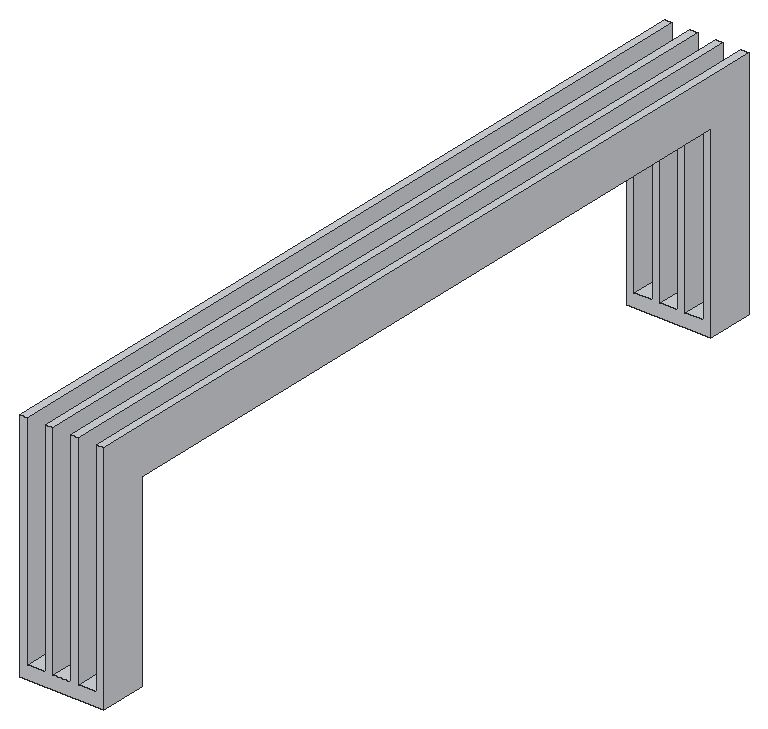
Revit family "LL04_R2016", category Generic Models, Revit 2016
Family settings
  Part Type = Normal
  Can host rebar = No
  Round Connector Dimension = Use Diameter
  OmniClass Number = 23.45.00.00
  OmniClass Title = Sanitary, Laundry, and Cleaning Equipment
  Work Plane-Based = No
  Always vertical = Yes
  Cut with Voids When Loaded = No
  Shared = No
  Room Calculation Point = No
Parameters
  Tube Length [instance] = 990 mm
  Length [instance] = 1200 mm
  Height = 350 mm
Reference planes
  plane 1: z = 0
  plane 2: z = 350
  plane 3: y = -26.341
  plane 4: y = -626.341
  plane 5: y = 573.659
Forms (mm)
  Extrusion 1, solid, not visible
    sketch origin (0, 0, 0) x (1, 0, 0) y (0, 1, 0)
      loop
        line (-495, -20) -> (-495, -31) -> (495, -31) -> (495, -20) -> (-495, -20)
    from 300 to 370
  Extrusion 2, solid, not visible
    sketch origin (0, 0, 0) x (1, 0, 0) y (0, 1, 0)
      loop
        line (-495, -20) -> (-495, -31) -> (495, -31) -> (495, -20) -> (-495, -20)
    from 300 to 370
  Extrusion 3, solid, not visible
    sketch origin (0, -24, 0) x (1, 0, 0) y (0, 1, 0)
      loop
        line (-495, -20) -> (-495, -31) -> (495, -31) -> (495, -20) -> (-495, -20)
    from 300 to 370
  Extrusion 4, solid, not visible
    sketch origin (0, -48, 0) x (1, 0, 0) y (0, 1, 0)
      loop
        line (-495, -20) -> (-495, -31) -> (495, -31) -> (495, -20) -> (-495, -20)
    from 300 to 370
  Extrusion 5, solid, not visible
    sketch origin (0, -72, 0) x (1, 0, 0) y (0, 1, 0)
      loop
        line (-495, -20) -> (-495, -31) -> (495, -31) -> (495, -20) -> (-495, -20)
    from 300 to 370
  Extrusion 6, solid, not visible
    sketch origin (0, -96, 0) x (1, 0, 0) y (0, 1, 0)
      loop
        line (-495, -20) -> (-495, -31) -> (495, -31) -> (495, -20) -> (-495, -20)
    from 300 to 370
  Extrusion 7, solid, not visible
    sketch origin (0, -120, 0) x (1, 0, 0) y (0, 1, 0)
      loop
        line (-495, -20) -> (-495, -31) -> (495, -31) -> (495, -20) -> (-495, -20)
    from 300 to 370
  Extrusion 8, solid, not visible
    sketch origin (0, -144, 0) x (1, 0, 0) y (0, 1, 0)
      loop
        line (-495, -20) -> (-495, -31) -> (495, -31) -> (495, -20) -> (-495, -20)
    from 300 to 370
  Extrusion 9, solid, not visible
    sketch origin (0, -168, 0) x (1, 0, 0) y (0, 1, 0)
      loop
        line (-495, -20) -> (-495, -31) -> (495, -31) -> (495, -20) -> (-495, -20)
    from 300 to 370
  Extrusion 10, solid, not visible
    sketch origin (0, -192, 0) x (1, 0, 0) y (0, 1, 0)
      loop
        line (-495, -20) -> (-495, -31) -> (495, -31) -> (495, -20) -> (-495, -20)
    from 300 to 370
  Extrusion 11, solid, not visible
    sketch origin (0, -216, 0) x (1, 0, 0) y (0, 1, 0)
      loop
        line (-495, -20) -> (-495, -31) -> (495, -31) -> (495, -20) -> (-495, -20)
    from 300 to 370
  Extrusion 12, solid, not visible
    sketch origin (0, -240, 0) x (1, 0, 0) y (0, 1, 0)
      loop
        line (-495, -20) -> (-495, -31) -> (495, -31) -> (495, -20) -> (-495, -20)
    from 300 to 370
  Extrusion 13, solid, not visible
    sketch origin (0, -264, 0) x (1, 0, 0) y (0, 1, 0)
      loop
        line (-495, -20) -> (-495, -31) -> (495, -31) -> (495, -20) -> (-495, -20)
    from 300 to 370
  Extrusion 14, solid, not visible
    sketch origin (0, -288, 0) x (1, 0, 0) y (0, 1, 0)
      loop
        line (-495, -20) -> (-495, -31) -> (495, -31) -> (495, -20) -> (-495, -20)
    from 300 to 370
  Extrusion 15, solid, not visible
    sketch origin (0, -312, 0) x (1, 0, 0) y (0, 1, 0)
      loop
        line (-495, -20) -> (-495, -31) -> (495, -31) -> (495, -20) -> (-495, -20)
    from 300 to 370
  Extrusion 16, solid
    sketch origin (0, 0, 0) x (0, 1, 0) y (0, 0, 1)
      loop
        line (573.659, 0) -> (573.659, 350) -> (-626.341, 350) -> (-626.341, 0) -> (-556.341, 0) -> (-556.341, 280) -> (503.659, 280) -> (503.659, 0) -> (573.659, 0)
    from 0 to 11
  Extrusion 17, solid
    sketch origin (38, 0, 0) x (0, 1, 0) y (0, 0, 1)
      loop
        line (573.659, 0) -> (573.659, 350) -> (-626.341, 350) -> (-626.341, 0) -> (-556.341, 0) -> (-556.341, 280) -> (503.659, 280) -> (503.659, 0) -> (573.659, 0)
    from 0 to 11
  Extrusion 18, solid
    sketch origin (76, 0, 0) x (0, 1, 0) y (0, 0, 1)
      loop
        line (573.659, 0) -> (573.659, 350) -> (-626.341, 350) -> (-626.341, 0) -> (-556.341, 0) -> (-556.341, 280) -> (503.659, 280) -> (503.659, 0) -> (573.659, 0)
    from 0 to 11
  Extrusion 19, solid
    sketch origin (114, 0, 0) x (0, 1, 0) y (0, 0, 1)
      loop
        line (573.659, 0) -> (573.659, 350) -> (-626.341, 350) -> (-626.341, 0) -> (-556.341, 0) -> (-556.341, 280) -> (503.659, 280) -> (503.659, 0) -> (573.659, 0)
    from 0 to 11
  Extrusion 20, solid
    sketch origin (0, 0, 0) x (1, 0, 0) y (0, 1, 0)
      loop
        line (0, -626.341) -> (125, -626.341) -> (125, -556.341) -> (0, -556.341) -> (0, -626.341)
      loop
        line (0, 503.659) -> (125, 503.659) -> (125, 573.659) -> (0, 573.659) -> (0, 503.659)
    from 0 to 20
Cuts and joins
  joined: Extrusion 16, Extrusion 17, Extrusion 18, Extrusion 19, Extrusion 20
Lines and regions (mm)
  reference lines
    curve 1: line (0, 665.378, 280) -> (0, -754.622, 280)
    curve 2: line (0, 503.659, 411.424) -> (0, 503.659, -138.576)
    curve 3: line (0, -556.341, 388.061) -> (0, -556.341, -81.939)
Dimensions and locks
  locked: Extrusion 1 sketch curve to Extrusion 1 sketch curve at 11
  locked: Extrusion 2 sketch curve to Extrusion 2 sketch curve at 11
  locked: Extrusion 3 sketch curve to Extrusion 3 sketch curve at 11
  equal spacing: group 2, group 3, group 4, group 5, group 6, group 7, group 8, group 9, group 10, group 11, group 12, group 13, group 14, group 15  (x2)
  equal spacing: group 15, group 14, group 13, group 12, group 11, group 10, group 9, group 8, group 7, group 6, group 5, group 4, group 3, group 2
  locked: Extrusion 4 sketch curve to Extrusion 4 sketch curve at 11
  locked: Extrusion 5 sketch curve to Extrusion 5 sketch curve at 11
  locked: Extrusion 6 sketch curve to Extrusion 6 sketch curve at 11
  locked: Extrusion 7 sketch curve to Extrusion 7 sketch curve at 11
  locked: Extrusion 8 sketch curve to Extrusion 8 sketch curve at 11
  locked: Extrusion 9 sketch curve to Extrusion 9 sketch curve at 11
  locked: Extrusion 10 sketch curve to Extrusion 10 sketch curve at 11
  locked: Extrusion 11 sketch curve to Extrusion 11 sketch curve at 11
  locked: Extrusion 12 sketch curve to Extrusion 12 sketch curve at 11
  locked: Extrusion 13 sketch curve to Extrusion 13 sketch curve at 11
  locked: Extrusion 14 sketch curve to Extrusion 14 sketch curve at 11
  locked: Extrusion 15 sketch curve to Extrusion 15 sketch curve at 11
  "Height": plane 2 to level
  equal spacing: plane 5, plane 3, plane 4
  "Length": plane 5 to plane 4
  locked: plane 2 to curve 1 at 70
  locked: curve 3 to plane 4 at 70
  locked: plane 5 to curve 2 at 70
  aligned and locked: level to plane 1
  aligned and locked: Extrusion 16 sketch curve to plane 2
  aligned and locked: Extrusion 16 sketch curve to plane 4
  aligned and locked: level to Extrusion 16 sketch curve  (x2)
  aligned and locked: Extrusion 16 sketch curve to curve 3
  aligned and locked: Extrusion 16 sketch curve to curve 1
  aligned and locked: curve 2 to Extrusion 16 sketch curve
  aligned and locked: Extrusion 16 sketch curve to plane 5
  aligned and locked: Extrusion 20 sketch curve to Extrusion 16  (x6)
Automatic sketch dimensions
  Extrusion 1 sketch curve to Extrusion 1 sketch curve = 990 mm
  Extrusion 2 sketch curve to Extrusion 2 sketch curve = 990 mm
  Extrusion 3 sketch curve to Extrusion 3 sketch curve = 990 mm
  Extrusion 4 sketch curve to Extrusion 4 sketch curve = 990 mm
  Extrusion 5 sketch curve to Extrusion 5 sketch curve = 990 mm
  Extrusion 6 sketch curve to Extrusion 6 sketch curve = 990 mm
  Extrusion 7 sketch curve to Extrusion 7 sketch curve = 990 mm
  Extrusion 8 sketch curve to Extrusion 8 sketch curve = 990 mm
  Extrusion 9 sketch curve to Extrusion 9 sketch curve = 990 mm
  Extrusion 10 sketch curve to Extrusion 10 sketch curve = 990 mm
  Extrusion 11 sketch curve to Extrusion 11 sketch curve = 990 mm
  Extrusion 12 sketch curve to Extrusion 12 sketch curve = 990 mm
  Extrusion 13 sketch curve to Extrusion 13 sketch curve = 990 mm
  Extrusion 14 sketch curve to Extrusion 14 sketch curve = 990 mm
  Extrusion 15 sketch curve to Extrusion 15 sketch curve = 990 mm
  plane 4 to curve 1 = 128.281 mm
  curve 1 to plane 5 = 91.719 mm
  curve 3 to level = 81.939 mm
  curve 2 to level = 138.576 mm
  plane 2 to curve 3 = 38.061 mm
  plane 2 to curve 2 = 61.424 mm
  Extrusion 17 sketch curve to level = 0 mm  (x2)
  Extrusion 17 sketch curve to plane 4 = 0 mm
  Extrusion 17 sketch curve to plane 2 = 0 mm
  Extrusion 17 sketch curve to plane 5 = 0 mm
  Extrusion 17 sketch curve to plane 4 = 70 mm
  Extrusion 17 sketch curve to Extrusion 17 sketch curve = 70 mm
  Extrusion 17 sketch curve to plane 2 = 70 mm
  Extrusion 18 sketch curve to level = 0 mm  (x2)
  Extrusion 18 sketch curve to plane 4 = 0 mm
  Extrusion 18 sketch curve to plane 2 = 0 mm
  Extrusion 18 sketch curve to plane 5 = 0 mm
  Extrusion 18 sketch curve to plane 4 = 70 mm
  Extrusion 18 sketch curve to Extrusion 18 sketch curve = 70 mm
  Extrusion 18 sketch curve to plane 2 = 70 mm
  Extrusion 19 sketch curve to level = 0 mm  (x2)
  Extrusion 19 sketch curve to plane 4 = 0 mm
  Extrusion 19 sketch curve to plane 2 = 0 mm
  Extrusion 19 sketch curve to plane 5 = 0 mm
  Extrusion 19 sketch curve to plane 4 = 70 mm
  Extrusion 19 sketch curve to Extrusion 19 sketch curve = 70 mm
  Extrusion 19 sketch curve to plane 2 = 70 mm
  Extrusion 20 sketch curve to Extrusion 20 sketch curve = 125 mm  (x2)
